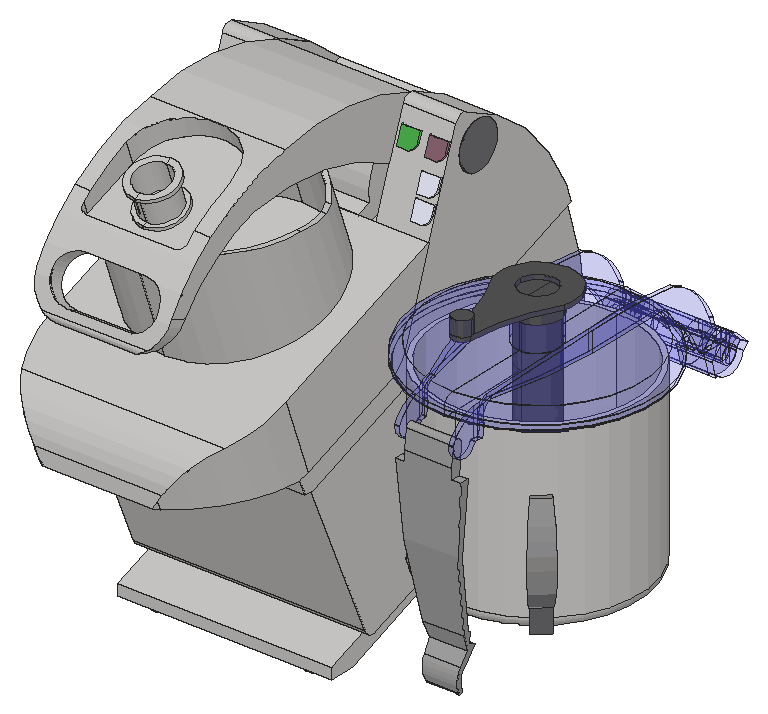
Revit family "QF_ELECTROLUXPROFESSIONAL_600488_TRK55YA", category Specialty Equipment, Revit 2018
Family settings
  Round Connector Dimension = Use Diameter
  Part Type = Normal
  Work Plane-Based = No
  Always vertical = Yes
  Cut with Voids When Loaded = No
  Shared = No
  Room Calculation Point = No
Parameters (values of type "Standard")
  Weight = 27.40 kg
  Watts = 0 W
  Volts = 200 V
  URL Manufacturer = "http://professional.electrolux.com"
  URL = "http://professional.electrolux.com"
  Steam Supply Size = 0 mm
  Steam Supply Minimum Pressure = 0.0 Pa
  Steam Supply Maximum Pressure = 0.0 Pa
  Steam Pounds per Hour = 0
  Refrigeration Suction Line Size = 0 mm
  Refrigeration Liquid Line Size = 0 mm
  Refrigerant Compressor Remote = yes
  Manufacturer = "Electrolux Professional"
  Phase = 1
  Model = "TRK55YA"
  Length Actual = 252 mm  # constant formula
  Item Number = "600488"
  Hot Water Size = 0 mm
  Height Actual = 505 mm  # constant formula
  HP = "1.7 HP"
  Gas Size = 0 mm
  Gas KW = 0
  Gas Input Pressure = 0 W
  Direct Waste Size = 0 mm
  Description = "CUTTER/SLICER 5.5L VARIAB.SPEED-1300W-200-240/1/50-60-AUSTRALIA"
  Depth Actual = 485 mm  # constant formula
  Cycle = 50 Hz
  Condensate Return Size = 0 mm
  Compressed Air Volume = 0.0 L/s
  Compressed Air Size = 0 mm
  Compressed Air Pressure = 0.0 Pa
  Cold Water Size = 0 mm
  Accessory = yes
Reference planes
  plane 1 "Center (Front/Back)": y = 0
  plane 2: z = 0
  plane 3 "Center (Left/Right)": x = 0
  plane 4 "BASE": through (-1506.947, -1354.442, -482.669) normal (0, -0.342, 0.9397)
  plane 5 "TOP": z = 725
  plane 6 "FRONT": y = -250
  plane 7 "BACK": y = 250
  plane 8 "LEFT": x = -126
  plane 9 "RIGHT": x = 126
  plane 10 "BaseSup": through (4267.2, -355.454, 143.983) normal (0, -0.342, 0.9397)
  plane 11 "TopCylinder": z = 505
  plane 12 "panel": through (4267.2, 37.396, 376.789) normal (0, -0.9397, 0.342)
  plane 13 "TAN1": through (4267.2, -242.8, 386.84) normal (0, -0.868, 0.4965)
  plane 14 "cx": x = -4.392
  plane 15: z = 490
  plane 16: z = 685
  plane 17 "EI_1": z = 320
  plane 18: z = 224
  plane 19 "SupportOblique": through (4267.2, 163.975, 96.815) normal (0, 0.809, 0.5878)
  plane 20 "CX2": x = 350
Forms (mm)
  Extrusion 1, solid, material "QF_Finishes_Stainless Steel"
    sketch origin (0, 71.755, 29.173) x (0, 0.939693, 0.34202) y (0, -0.34202, 0.939693)
      loop
        line (196.964, 40) -> (-146.726, 40) -> (-150.519, 29.578) -> (-124.204, 20) -> (196.964, 20) -> (196.964, 40)
    from -114.1 to 114.1
  Extrusion 2, solid, material "QF_Finishes_Stainless Steel"
    sketch origin (0, 71.755, 29.173) x (0, 0.939693, 0.34202) y (0, -0.34202, 0.939693)
      loop
        arc (-117.754, 231.836) -> (-115.679, 141.222) -> (-107.501, 50.953) r 1344.145
        arc (-107.501, 50.953) -> (-103.371, 43.13) -> (-95.098, 40) r 12.5
        line (-95.098, 40) -> (191.415, 40)
        arc (191.415, 40) -> (200.799, 44.052) -> (207.001, 52.177) r 20.212
        arc (207.001, 52.177) -> (236.663, 139.796) -> (245.906, 231.836) r 409.593
        line (245.906, 231.836) -> (-117.754, 231.836)
    from -123.6 to 123.2
  Extrusion 3, solid, material "QF_Finishes_Stainless Steel"
    sketch origin (0, 71.755, 29.173) x (0, 0.939693, 0.34202) y (0, -0.34202, 0.939693)
      loop
        line (-117.754, 231.836) -> (250, 231.836) -> (250, 254)
        arc (250, 254) -> (225.127, 344.7) -> (167.861, 419.303) r 244.524
        arc (167.861, 419.303) -> (160.498, 421.774) -> (153.587, 418.23) r 10
        line (153.587, 418.23) -> (25.432, 265.5)
        arc (25.432, 265.5) -> (14.376, 257.016) -> (0.77, 254) r 32.194
        line (0.77, 254) -> (-128.224, 254) -> (-128.224, 236.946) -> (-117.754, 231.836)
    from -125 to 125
  Extrusion 4, void
    sketch origin (0, 71.755, 29.173) x (0, 0.939693, 0.34202) y (0, -0.34202, 0.939693)
      loop
        line (146.605, 338.403) -> (228.145, 338.403)
        arc (228.145, 338.403) -> (202.221, 381.996) -> (167.861, 419.303) r 244.524
        arc (167.861, 419.303) -> (160.498, 421.774) -> (153.587, 418.23) r 10
        line (153.587, 418.23) -> (72.34, 321.403) -> (146.605, 321.403) -> (146.605, 338.403)
    from -76.755 to 68.071
  Extrusion 5, solid, material "QF_Finishes_Stainless Steel"
    sketch origin (0, 71.755, 29.173) x (0, 0.939693, 0.34202) y (0, -0.34202, 0.939693)
      loop
        line (86.605, 338.403) -> (69.605, 321.403) -> (146.605, 321.403) -> (146.605, 338.403) -> (138.179, 338.403) -> (138.179, 369.367)
        arc (138.179, 369.367) -> (147.784, 373.474) -> (158.149, 372.174) r 19.987
        arc (158.149, 372.174) -> (156.791, 382.001) -> (162.888, 389.826) r 12.748
        arc (162.888, 389.826) -> (123.302, 374.774) -> (101.605, 338.403) r 64.447
        line (101.605, 338.403) -> (86.605, 338.403)
    from -65 to 50
  Extrusion 6, solid, material "QF_Finishes_Stainless Steel"
    sketch origin (539, 71.755, 29.173) x (0, -0.939693, -0.34202) y (0, -0.34202, 0.939693)
      loop
        circle (-169.102, 378.696) r 12.748
    from 489 to 604
  Extrusion 7, solid, material "QF_Finishes_Rubber Black"
    sketch origin (0, 71.755, 29.173) x (0, 0.939693, 0.34202) y (0, -0.34202, 0.939693)
      loop
        circle (169.102, 378.696) r 25
    from 125 to 126.6
  Extrusion 8, solid, material "QF_Finishes_Green"
    sketch origin (-10, -113.728, -38.42) x (0, -0.34202, -0.939693) y (1, 0, 0)
      loop
        line (-529.862, 82.865) -> (-509.862, 82.865) -> (-509.862, 92.865)
        arc (-509.862, 92.865) -> (-512.791, 99.936) -> (-519.862, 102.865) r 10
        line (-519.862, 102.865) -> (-529.862, 102.865) -> (-529.862, 82.865)
    from 0 to 1.6
  Extrusion 9, solid, material "QF_Finishes_Red"
    sketch origin (20, -113.728, -38.42) x (0, -0.34202, -0.939693) y (1, 0, 0)
      loop
        line (-529.862, 82.865) -> (-509.862, 82.865) -> (-509.862, 92.865)
        arc (-509.862, 92.865) -> (-512.791, 99.936) -> (-519.862, 102.865) r 10
        line (-519.862, 102.865) -> (-529.862, 102.865) -> (-529.862, 82.865)
    from 0 to 1.6
  Extrusion 10, solid, material "QF_Finishes_Rubber Black"
    sketch origin (-20, -293.925, 99.376) x (0, -1, 0) y (1, 0, 0)
      loop
        circle (-230.144, 103.748) r 10
      loop
        circle (-230.144, -61.252) r 10
    from 9.274 to 3.787
  Extrusion 11, void
    sketch origin (-20.94, 306.731, 139.428) x (-1, 0, 0) y (0, -0.34202, 0.939693)
      loop
        circle (-20.94, 196.093) r 10
    from -1.916 to -26.433
  Extrusion 12, solid, material "QF_Finishes_Stainless Steel"
    sketch origin (-20.94, 306.678, 139.573) x (-1, 0, 0) y (0, -0.34202, 0.939693)
      loop
        circle (-20.94, 195.939) r 9.999
    from -8.514 to -26.433
  Extrusion 13, solid, material "QF_Finishes_Stainless Steel"
    sketch origin (0, -15.119, 267.855) x (0, -0.939693, -0.34202) y (1, 0, 0)
      loop
        line (-86.605, -125) -> (117.754, -125)
        arc (117.754, -125) -> (182.577, -108.838) -> (232.224, -64.135) r 138.076
        arc (232.224, -64.135) -> (246.337, -33.516) -> (250, 0) r 104.824
        arc (250, 0) -> (246.337, 33.516) -> (232.224, 64.135) r 104.824
        arc (232.224, 64.135) -> (182.577, 108.838) -> (117.754, 125) r 138.076
        line (117.754, 125) -> (-86.605, 125) -> (-86.605, -125)
    from 0 to 84.403
  Extrusion 14, void
    sketch origin (0, 71.755, 29.173) x (0, 0.939693, 0.34202) y (0, -0.34202, 0.939693)
      loop
        line (-183.149, 338.403) -> (-263.395, 338.403) -> (-263.395, 254) -> (-128.224, 254) -> (-235.716, 293.124) -> (-229.509, 307.133)
        arc (-229.509, 307.133) -> (-211.109, 329.855) -> (-183.149, 338.403) r 50
      loop
        line (86.605, 338.403) -> (25.432, 265.5)
        arc (25.432, 265.5) -> (14.376, 257.016) -> (0.77, 254) r 32.194
        line (0.77, 254) -> (86.605, 254) -> (86.605, 338.403)
    from -156.555 to 144.79
  Extrusion 15, solid, material "QF_Finishes_Rubber Black"
    sketch origin (-20, -255.757, 37.007) x (0, -0.939693, -0.34202) y (1, 0, 0)
      loop
        circle (-230.144, 103.748) r 10
      loop
        circle (-230.144, -61.252) r 10
    from -1.968 to 3.787
  Extrusion 16, solid, material "QF_Finishes_Stainless Steel"
    sketch origin (0, 0, 0) x (0, 1, 0) y (0, 0, 1)
      loop
        arc (-237.987, 360.286) -> (-193.334, 422.101) -> (-125.907, 457.716) r 167.502
        arc (-125.907, 457.716) -> (-32.614, 457.202) -> (54.785, 424.565) r 266.494
        line (54.785, 424.565) -> (73.036, 474.711)
        arc (73.036, 474.711) -> (77.269, 479.853) -> (83.792, 481.198) r 10
        arc (83.792, 481.198) -> (1.801, 503.572) -> (-83.051, 498.734) r 263.981
        arc (-83.051, 498.734) -> (-135.605, 484.534) -> (-183.511, 458.675) r 236.13
        arc (-183.511, 458.675) -> (-222.818, 420.732) -> (-248.457, 372.49) r 174.407
        arc (-248.457, 372.49) -> (-249.83, 368.135) -> (-247.05, 364.513) r 4.945
        line (-247.05, 364.513) -> (-237.987, 360.286)
    from -76.755 to 68.071
  Extrusion 17, void
    sketch origin (0, -252.846, 369.279) x (0, -0.496521, -0.868025) y (1, 0, 0)
      loop
        line (-13.723, -36.755) -> (-13.723, 28.071)
        arc (-13.723, 28.071) -> (-38.723, 53.071) -> (-63.723, 28.071) r 25
        line (-63.723, 28.071) -> (-63.723, -36.755)
        arc (-63.723, -36.755) -> (-38.723, -61.755) -> (-13.723, -36.755) r 25
    from -148.493 to 7.125
  Extrusion 18, void
    sketch origin (0, -88.076, 32.057) x (0, -0.34202, -0.939693) y (1, 0, 0)
      loop
        line (-257.162, 68.071) -> (-297.162, 68.071)
        arc (-297.162, 68.071) -> (-268.878, 56.356) -> (-257.162, 28.071) r 40
        line (-257.162, 28.071) -> (-257.162, 68.071)
      loop
        line (-257.162, -76.755) -> (-257.162, -36.755)
        arc (-257.162, -36.755) -> (-268.878, -65.039) -> (-297.162, -76.755) r 40
        line (-297.162, -76.755) -> (-257.162, -76.755)
    from 233.374 to 280.473
  Extrusion 19, void
    sketch origin (0, -73.76, 246.511) x (0, -0.939693, -0.34202) y (1, 0, 0)
      loop
        spline (50.415, 43.499) -> (50.302, 44.538) -> (50.07, 45.551) -> (49.722, 46.523) -> (49.265, 47.436) -> (48.705, 48.278) -> (48.053, 49.034) -> (47.317, 49.692) -> (46.511, 50.241) -> (45.647, 50.674) -> (44.738, 50.981) -> (43.801, 51.16) -> (42.848, 51.221)
        line (42.848, 51.221) -> (-21.826, 51.221)
        arc (-21.826, 51.221) -> (-77.476, -4.429) -> (-21.826, -60.078) r 55.65
        line (-21.826, -60.078) -> (42.849, -60.064)
        spline (42.849, -60.064) -> (43.796, -60.017) -> (44.73, -59.836) -> (45.637, -59.525) -> (46.5, -59.088) -> (47.306, -58.532) -> (48.042, -57.867) -> (48.695, -57.103) -> (49.256, -56.253) -> (49.715, -55.331) -> (50.065, -54.351) -> (50.3, -53.329) -> (50.415, -52.283)
        line (50.415, -52.283) -> (50.415, 43.499)
    from 219.928 to 259.975
  Extrusion 20, void
    sketch origin (0, -87.856, 241.381) x (0, -0.939693, -0.34202) y (1, 0, 0)
      loop
        circle (-4.976, -4.429) r 22.5
    from 184.171 to 259.975
  Extrusion 21, solid, material "QF_Finishes_Stainless Steel"
    sketch origin (0, -57.13, 252.564) x (0, -0.939693, -0.34202) y (1, 0, 0)
      loop
        circle (-27.476, -4.429) r 100
      loop
        circle (-27.476, -4.429) r 95
    from 84.403 to 219.928
  Extrusion 22, void
    sketch origin (539, 0, 0) x (0, -1, 0) y (0, 0, 1)
      loop
        line (-7.229, 448.453) -> (38.883, 431.669) -> (53.883, 431.669) -> (97.232, 435.738) -> (172.232, 435.738) -> (200.5, 434.424) -> (12.562, 502.828) -> (-7.229, 448.453)
    from 424.9 to 664
  Revolve 23, solid, material "QF_Finishes_Stainless Steel"
    sketch origin (-4.392, 0, 0) x (0, 1, 0) y (0, 0, 1)
      loop
        line (-159.523, 452.833) -> (-177.266, 446.376) -> (-188.766, 477.973) -> (-195.199, 475.631) -> (-193.959, 472.225) -> (-189.261, 473.935) -> (-179, 445.744) -> (-183.698, 444.034) -> (-182.575, 440.948) -> (-179.543, 442.052) -> (-133.191, 314.7) -> (-112.048, 322.396) -> (-159.523, 452.833)
      axis (-112.048, 322.396) -> (-171.023, 484.431)
    angle from 0 to 360
  Extrusion 24, solid, material "QF_Door-Drawer Clearances", detail levels coarse
    sketch origin (0, -262.072, 735.095) x (0, -0.581279, -0.813704) y (0, 0.813704, -0.581279)
      loop
        arc (-237.987, 360.286) -> (-193.334, 422.101) -> (-125.907, 457.716) r 167.502
        arc (-125.907, 457.716) -> (-61.925, 460.915) -> (0.971, 448.753) r 266.494
        arc (0.971, 448.753) -> (-2.208, 475.472) -> (-2.432, 502.379) r 244.524
        arc (-2.432, 502.379) -> (-31.549, 503.211) -> (-60.594, 500.999) r 278.64
        arc (-60.594, 500.999) -> (-125.023, 488.463) -> (-183.511, 458.675) r 236.13
        arc (-183.511, 458.675) -> (-222.818, 420.732) -> (-248.457, 372.49) r 174.407
        arc (-248.457, 372.49) -> (-249.83, 368.135) -> (-247.05, 364.513) r 4.945
        line (-247.05, 364.513) -> (-237.987, 360.286)
    from -76.755 to 68.071
  Extrusion 25, solid, material "QF_Door-Drawer Clearances", detail levels coarse
    sketch origin (-4.392, 0, -55) x (0, 1, 0) y (0, 0, 1)
      loop
        arc (180.062, 780.324) -> (-149.234, 694.151) -> (-249.905, 368.994) r 350.321
        line (-249.905, 368.994) -> (-246.546, 377.767)
        arc (-246.546, 377.767) -> (-144.345, 691.9) -> (174.993, 776.44) r 345.321
        line (174.993, 776.44) -> (180.062, 780.324)
    from -60 to 60
  Extrusion 26, solid, material "QF_Finishes_Rubber Black"
    sketch origin (-20, -20.834, 122.512) x (0, -0.939693, -0.34202) y (1, 0, 0)
      loop
        circle (-230.144, 103.748) r 10
      loop
        circle (-230.144, -61.252) r 10
    from -1.968 to 3.787
  Extrusion 27, void
    sketch origin (-4.392, 0, 0) x (0, 1, 0) y (0, 0, 1)
      loop
        circle (163.975, 96.815) r 5.399
    from -121.608 to 130.392
  Sweep 28, solid, material "QF_Finishes_Stainless Steel"
    path origin (0, 153.361, 111.423) x (0, -0.587785, 0.809017) y (1, 0, 0)
      loop
        line (-133.401, 56) -> (-133.401, 112.5)
        arc (-133.401, 112.5) -> (-130.472, 119.571) -> (-123.401, 122.5) r 10
        line (-123.401, 122.5) -> (-28.058, 122.5)
        arc (-28.058, 122.5) -> (-20.987, 119.571) -> (-18.058, 112.5) r 10
        line (-18.058, 112.5) -> (-18.058, -112.5)
        arc (-18.058, -112.5) -> (-20.987, -119.571) -> (-28.058, -122.5) r 10
        line (-28.058, -122.5) -> (-123.401, -122.5)
        arc (-123.401, -122.5) -> (-130.472, -119.571) -> (-133.401, -112.5) r 10
        line (-133.401, -112.5) -> (-133.401, -56)
    profile origin (84.25, 231.772, 3.5) x (0, 0.587785, -0.809017) y (0, 0.809017, 0.587785)
      loop
        circle (0, 0) r 3.5
  Extrusion 29, void
    sketch origin (-4.392, 0, 0) x (0, 1, 0) y (0, 0, 1)
      loop
        line (50.281, 42.641) -> (71.708, 50.44) -> (64.376, 57.771) -> (50.281, 52.641) -> (50.281, 42.641)
    from -119.208 to -51.608
  Extrusion 30, void
    sketch origin (4.392, 0, 0) x (0, 1, 0) y (0, 0, -1)
      loop
        line (50.281, -42.641) -> (50.281, -52.641) -> (64.376, -57.771) -> (71.708, -50.44) -> (50.281, -42.641)
    from -119.208 to -51.608
  Extrusion 31, solid, material "QF_Door-Drawer Clearances", detail levels coarse
    sketch origin (350, -160.4, -17.118) x (0, -0.34202, -0.939693) y (0, -0.939693, 0.34202)
      loop
        line (-206.754, 118.191) -> (-331.133, -223.538)
        arc (-331.133, -223.538) -> (-241.482, -246.331) -> (-149.003, -248.426) r 409.593
        arc (-149.003, -248.426) -> (-139.246, -245.378) -> (-132.229, -237.945) r 20.212
        line (-132.229, -237.945) -> (-34.236, 31.289)
        arc (-34.236, 31.289) -> (-34.347, 40.134) -> (-40.286, 46.691) r 12.5
        arc (-40.286, 46.691) -> (-122.314, 85.249) -> (-206.754, 118.191) r 1344.145
    from -123.6 to 123.2
  Extrusion 32, solid, material "QF_Door-Drawer Clearances", detail levels coarse
    sketch origin (350, -160.4, -17.118) x (0, -0.34202, -0.939693) y (0, -0.939693, 0.34202)
      loop
        line (-134.127, -243.16) -> (-115.333, -250) -> (-5.487, 51.799) -> (-5.487, 79.803) -> (-16.578, 79.803) -> (-134.127, -243.16)
    from -114.1 to 114.1
  Extrusion 33, solid, material "QF_Door-Drawer Clearances", detail levels coarse
    sketch origin (330, -388.076, 105.131) x (0, -1, 0) y (1, 0, 0)
      loop
        circle (-230.144, 103.748) r 10
      loop
        circle (-230.144, -61.252) r 10
    from -1.968 to 3.787
  Extrusion 34, solid, material "QF_Door-Drawer Clearances", detail levels coarse
    sketch origin (330, -138.076, 105.131) x (0, -1, 0) y (1, 0, 0)
      loop
        circle (-230.144, 103.748) r 10
      loop
        circle (-230.144, -61.252) r 10
    from -1.968 to 3.787
  Extrusion 35, solid, material "QF_Door-Drawer Clearances", detail levels coarse
    sketch origin (0, 250, 0) x (-1, 0, 0) y (0, 0, 1)
      loop
        circle (-350, 200) r 10
    from -89.12 to -78.665
  Extrusion 36, solid, material "QF_Finishes_White"
    sketch origin (20, -124.661, -68.457) x (0, -0.34202, -0.939693) y (1, 0, 0)
      loop
        line (-529.862, 82.865) -> (-509.862, 82.865) -> (-509.862, 92.865)
        arc (-509.862, 92.865) -> (-512.791, 99.936) -> (-519.862, 102.865) r 10
        line (-519.862, 102.865) -> (-529.862, 102.865) -> (-529.862, 82.865)
    from 0 to 1.6
  Extrusion 37, solid, material "QF_Finishes_White"
    sketch origin (20, -132.869, -91.01) x (0, -0.34202, -0.939693) y (1, 0, 0)
      loop
        line (-529.862, 82.865) -> (-509.862, 82.865) -> (-509.862, 92.865)
        arc (-509.862, 92.865) -> (-512.791, 99.936) -> (-519.862, 102.865) r 10
        line (-519.862, 102.865) -> (-529.862, 102.865) -> (-529.862, 82.865)
    from 0 to 1.6
Cuts and joins
  Extrusion 4, Extrusion 18, Extrusion 19, Extrusion 20 cuts Extrusion 3
  Extrusion 14, Extrusion 18, Extrusion 19, Extrusion 20 cuts Extrusion 13
  Extrusion 17, Extrusion 18, Extrusion 19, Extrusion 20 cuts Extrusion 16
  Extrusion 11, Extrusion 19, Extrusion 20 cuts Extrusion 2
  Extrusion 22 cuts Extrusion 21
  Extrusion 27, Extrusion 29, Extrusion 30 cuts Extrusion 1
Lines and regions (mm)
  Split face 1
    outline origin (125, 73.036, 474.711) x (-1, 0, 0) y (0, -0.34202, -0.939693)
      loop
        arc (0, 8) -> (1.464, 4.464) -> (5, 3) r 5
        line (5, 3) -> (51.929, 3)
        arc (51.929, 3) -> (55.464, 4.464) -> (56.929, 8) r 5
        line (56.929, 8) -> (56.929, 96.206)
        arc (56.929, 96.206) -> (55.464, 99.742) -> (51.929, 101.206) r 5
        line (51.929, 101.206) -> (5, 101.206)
        arc (5, 101.206) -> (1.464, 99.742) -> (0, 96.206) r 5
        line (0, 96.206) -> (0, 8)
  symbolic lines
    curve 1: line (-76.755, 170.4, 0) -> (-76.755, -235.217, 0)
    curve 2: line (68.071, -235.135, 0) -> (68.071, 170.4, 0)
    curve 3: line (-76.755, 83.792, 0) -> (68.071, 83.792, 0)
    curve 4: line (-76.755, 170.4, 0) -> (68.071, 170.4, 0)
    curve 5: line (68.071, -83.051, 0) -> (-76.755, -83.051, 0)
    curve 6: line (-60.078, -136.967, 0) -> (51.221, -136.967, 0)
    curve 7: line (-60.078, -128.47, 0) -> (-60.078, -194.06, 0)
    curve 8: line (51.221, -193.76, 0) -> (51.221, -128.47, 0)
    curve 9: spline (-52.282, -199.891, 0) -> (-53.276, -199.815, 0) -> (-54.25, -199.647, 0) -> (-55.19, -199.39, 0) -> (-56.081, -199.046, 0) -> (-56.909, -198.622, 0) -> (-57.663, -198.124, 0) -> (-58.331, -197.559, 0) -> (-58.902, -196.936, 0) -> (-59.369, -196.264, 0) -> (-59.724, -195.553, 0) -> (-59.961, -194.815, 0) -> (-60.078, -194.06, 0)
    curve 10: line (43.499, -199.901, 0) -> (-52.283, -199.901, 0)
    curve 11: spline (51.218, -193.76, 0) -> (51.156, -194.554, 0) -> (50.964, -195.333, 0) -> (50.645, -196.085, 0) -> (50.204, -196.798, 0) -> (49.648, -197.459, 0) -> (48.986, -198.058, 0) -> (48.229, -198.586, 0) -> (47.39, -199.033, 0) -> (46.483, -199.392, 0) -> (45.521, -199.658, 0) -> (44.521, -199.826, 0) -> (43.499, -199.893, 0)
    curve 12: spline (-4.392, -146.848, 0) -> (-11.05, -147.672, 0) -> (-17.255, -150.087, 0) -> (-22.583, -153.929, 0) -> (-26.672, -158.936, 0) -> (-29.242, -164.766, 0) -> (-30.119, -171.023, 0) -> (-29.242, -177.28, 0) -> (-26.672, -183.111, 0) -> (-22.583, -188.118, 0) -> (-17.255, -191.96, 0) -> (-11.05, -194.375, 0) -> (-4.392, -195.199, 0)
    curve 13: spline (-4.392, -195.199, 0) -> (2.267, -194.375, 0) -> (8.472, -191.96, 0) -> (13.8, -188.118, 0) -> (17.888, -183.111, 0) -> (20.459, -177.28, 0) -> (21.335, -171.023, 0) -> (20.459, -164.766, 0) -> (17.888, -158.936, 0) -> (13.8, -153.929, 0) -> (8.472, -150.087, 0) -> (2.267, -147.672, 0) -> (-4.392, -146.848, 0)
    curve 14: spline (-4.392, -188.766, 0) -> (-9.279, -188.162, 0) -> (-13.832, -186.389, 0) -> (-17.743, -183.569, 0) -> (-20.744, -179.895, 0) -> (-22.63, -175.616, 0) -> (-23.273, -171.023, 0) -> (-22.63, -166.431, 0) -> (-20.744, -162.152, 0) -> (-17.743, -158.477, 0) -> (-13.832, -155.658, 0) -> (-9.279, -153.885, 0) -> (-4.392, -153.281, 0)
    curve 15: spline (-4.392, -153.281, 0) -> (0.495, -153.885, 0) -> (5.049, -155.658, 0) -> (8.96, -158.477, 0) -> (11.96, -162.152, 0) -> (13.846, -166.431, 0) -> (14.49, -171.023, 0) -> (13.846, -175.616, 0) -> (11.96, -179.895, 0) -> (8.96, -183.569, 0) -> (5.049, -186.389, 0) -> (0.495, -188.162, 0) -> (-4.392, -188.766, 0)
    curve 16: spline (-22.254, -165.273, 0) -> (-20.617, -168.597, 0) -> (-18.289, -171.534, 0) -> (-15.368, -173.96, 0) -> (-11.98, -175.77, 0) -> (-8.268, -176.888, 0) -> (-4.392, -177.266, 0) -> (-0.515, -176.888, 0) -> (3.197, -175.77, 0) -> (6.585, -173.96, 0) -> (9.505, -171.534, 0) -> (11.834, -168.597, 0) -> (13.471, -165.273, 0)
    curve 17: spline (21.106, -162.743, 0) -> (21.02, -155.749, 0) -> (18.807, -149.071, 0) -> (14.651, -143.268, 0) -> (8.902, -138.825, 0) -> (2.04, -136.115, 0) -> (-5.361, -135.365, 0) -> (-12.68, -136.637, 0) -> (-19.306, -139.824, 0) -> (-24.683, -144.661, 0) -> (-28.361, -150.742, 0) -> (-30.034, -157.558, 0) -> (-29.559, -164.538, 0)
    curve 18: spline (15.591, -154.349, 0) -> (13.851, -150.277, 0) -> (11.185, -146.674, 0) -> (7.729, -143.723, 0) -> (3.657, -141.574, 0) -> (-0.824, -140.337, 0) -> (-5.485, -140.073, 0) -> (-10.091, -140.797, 0) -> (-14.408, -142.471, 0) -> (-18.216, -145.011, 0) -> (-21.322, -148.287, 0) -> (-23.569, -152.134, 0) -> (-24.843, -156.356, 0)
    curve 19: line (-36.755, -245.358, 0) -> (-36.755, -220.255, 0)
    curve 20: line (28.071, -220.255, 0) -> (28.071, -245.358, 0)
    curve 21: line (-36.755, -220.255, 0) -> (28.071, -220.255, 0)
    curve 22: line (-36.755, -231.961, 0) -> (28.071, -231.961, 0)
    curve 23: line (28.071, -245.358, 0) -> (-36.755, -245.358, 0)
    curve 24: arc (-36.755, -231.961, 0) -> (-47.346, -230.66, 0) -> (-57.309, -226.836, 0) r 43.78
    curve 25: arc (28.071, -231.961, 0) -> (38.611, -230.648, 0) -> (48.525, -226.836, 0) r 43.78
    curve 26: line (108.532, -216.09, 0) -> (68.016, -248.959, 0)
    curve 27: spline (108.532, -216.09, 0) -> (111.117, -211.341, 0) -> (113.492, -206.496, 0) -> (115.654, -201.564, 0) -> (117.598, -196.552, 0) -> (119.32, -191.469, 0) -> (120.82, -186.324, 0) -> (122.092, -181.125, 0) -> (123.137, -175.882, 0) -> (123.951, -170.603, 0) -> (124.533, -165.296, 0) -> (124.883, -159.972, 0) -> (125, -154.639, 0)
    curve 28: line (125, -154.639, 0) -> (125, 227.385, 0)
    curve 29: spline (63.971, -249.433, 0) -> (63.542, -249.481, 0) -> (63.11, -249.529, 0) -> (62.674, -249.577, 0) -> (62.235, -249.624, 0) -> (61.792, -249.672, 0) -> (61.346, -249.719, 0) -> (60.896, -249.766, 0) -> (60.442, -249.813, 0) -> (59.985, -249.86, 0) -> (59.525, -249.907, 0) -> (59.06, -249.954, 0) -> (58.593, -250, 0)
    curve 30: spline (68.016, -248.959, 0) -> (67.688, -248.999, 0) -> (67.358, -249.038, 0) -> (67.026, -249.078, 0) -> (66.693, -249.118, 0) -> (66.359, -249.157, 0) -> (66.022, -249.197, 0) -> (65.684, -249.236, 0) -> (65.345, -249.276, 0) -> (65.004, -249.315, 0) -> (64.661, -249.354, 0) -> (64.317, -249.394, 0) -> (63.971, -249.433, 0)
    curve 31: line (-68.016, -248.959, 0) -> (68.016, -248.959, 0)
    curve 32: line (-68.016, -248.959, 0) -> (-108.532, -216.09, 0)
    curve 33: spline (-63.971, -249.433, 0) -> (-64.317, -249.394, 0) -> (-64.661, -249.354, 0) -> (-65.004, -249.315, 0) -> (-65.345, -249.276, 0) -> (-65.684, -249.236, 0) -> (-66.022, -249.197, 0) -> (-66.359, -249.157, 0) -> (-66.693, -249.118, 0) -> (-67.026, -249.078, 0) -> (-67.358, -249.038, 0) -> (-67.688, -248.999, 0) -> (-68.016, -248.959, 0)
    curve 34: spline (-58.593, -250, 0) -> (-59.06, -249.954, 0) -> (-59.525, -249.907, 0) -> (-59.985, -249.86, 0) -> (-60.442, -249.813, 0) -> (-60.896, -249.766, 0) -> (-61.346, -249.719, 0) -> (-61.792, -249.672, 0) -> (-62.235, -249.624, 0) -> (-62.674, -249.577, 0) -> (-63.11, -249.529, 0) -> (-63.542, -249.481, 0) -> (-63.971, -249.433, 0)
    curve 35: line (-76.755, -235.217, 0) -> (-60.604, -248.457, 0)
    curve 36: spline (-125, -154.639, 0) -> (-124.883, -159.972, 0) -> (-124.533, -165.296, 0) -> (-123.951, -170.603, 0) -> (-123.137, -175.882, 0) -> (-122.092, -181.125, 0) -> (-120.82, -186.324, 0) -> (-119.32, -191.469, 0) -> (-117.598, -196.552, 0) -> (-115.654, -201.564, 0) -> (-113.492, -206.496, 0) -> (-111.117, -211.341, 0) -> (-108.532, -216.09, 0)
    curve 37: line (-125, 227.385, 0) -> (-125, -154.639, 0)
    curve 38: arc (-76.755, -160.023, 0) -> (-93.256, -130.498, 0) -> (-99.37, -97.232, 0) r 103.622
    curve 39: arc (-76.755, -168.026, 0) -> (-96.901, -135.101, 0) -> (-104.377, -97.232, 0) r 109.55
    curve 40: spline (-99.395, -97.232, 0) -> (-99.428, -93.546, 0) -> (-99.341, -89.86, 0) -> (-99.135, -86.178, 0) -> (-98.81, -82.506, 0) -> (-98.367, -78.845, 0) -> (-97.806, -75.201, 0) -> (-97.127, -71.576, 0) -> (-96.331, -67.976, 0) -> (-95.419, -64.402, 0) -> (-94.392, -60.86, 0) -> (-93.251, -57.352, 0) -> (-91.998, -53.883, 0)
    curve 41: arc (-91.998, -53.883, 0) -> (-88.614, -46.234, 0) -> (-84.624, -38.883, 0) r 103.541
    curve 42: spline (-84.624, -38.883, 0) -> (-84.026, -38.009, 0) -> (-83.417, -37.142, 0) -> (-82.798, -36.282, 0) -> (-82.167, -35.428, 0) -> (-81.527, -34.582, 0) -> (-80.876, -33.742, 0) -> (-80.214, -32.91, 0) -> (-79.543, -32.085, 0) -> (-78.861, -31.267, 0) -> (-78.169, -30.457, 0) -> (-77.467, -29.655, 0) -> (-76.755, -28.86, 0)
    curve 43: spline (-90.488, -38.883, 0) -> (-89.506, -37.356, 0) -> (-88.492, -35.846, 0) -> (-87.448, -34.355, 0) -> (-86.375, -32.883, 0) -> (-85.271, -31.43, 0) -> (-84.139, -29.997, 0) -> (-82.978, -28.585, 0) -> (-81.788, -27.193, 0) -> (-80.571, -25.823, 0) -> (-79.326, -24.476, 0) -> (-78.054, -23.15, 0) -> (-76.755, -21.847, 0)
    curve 44: arc (-97.398, -53.883, 0) -> (-94.227, -46.252, 0) -> (-90.488, -38.883, 0) r 109.406
    curve 45: spline (-104.397, -97.232, 0) -> (-104.428, -93.553, 0) -> (-104.346, -89.875, 0) -> (-104.151, -86.201, 0) -> (-103.844, -82.535, 0) -> (-103.425, -78.879, 0) -> (-102.894, -75.238, 0) -> (-102.252, -71.615, 0) -> (-101.499, -68.013, 0) -> (-100.637, -64.435, 0) -> (-99.665, -60.886, 0) -> (-98.585, -57.367, 0) -> (-97.398, -53.883, 0)
    curve 46: spline (-104.429, -60.179, 0) -> (-104.227, -54.213, 0) -> (-103.623, -48.272, 0) -> (-102.618, -42.379, 0) -> (-101.218, -36.558, 0) -> (-99.427, -30.832, 0) -> (-97.253, -25.224, 0) -> (-94.704, -19.758, 0) -> (-91.791, -14.454, 0) -> (-88.526, -9.335, 0) -> (-84.922, -4.421, 0) -> (-80.993, 0.268, 0) -> (-76.755, 4.714, 0)
    curve 47: line (-104.429, -60.179, 0) -> (-104.429, -91.125, 0)
    curve 48: line (-125, 37.396, 0) -> (-76.755, 37.396, 0)
    curve 49: line (-125, 227.385, 0) -> (125, 227.385, 0)
    curve 50: line (-125, 219.805, 0) -> (125, 219.805, 0)
    curve 51: line (-65, 113.885, 0) -> (50, 113.885, 0)
    curve 52: line (50, 113.885, 0) -> (50, 83.792, 0)
    curve 53: line (-65, 113.885, 0) -> (-65, 83.792, 0)
    curve 54: line (-65, 91.491, 0) -> (50, 91.491, 0)
    curve 55: line (50, 93.777, 0) -> (68.071, 93.777, 0)
    curve 56: line (-65, 93.777, 0) -> (-76.755, 93.777, 0)
    curve 57: line (72.865, 68.37, 0) -> (92.865, 68.37, 0)
    curve 58: line (72.865, 60.026, 0) -> (72.865, 68.37, 0)
    curve 59: line (82.865, 60.026, 0) -> (72.865, 60.026, 0)
    curve 60: line (92.865, 68.37, 0) -> (92.865, 63.446, 0)
    curve 61: line (-123.6, 250, 0) -> (123.2, 250, 0)
    curve 62: line (123.2, 227.385, 0) -> (123.2, 250, 0)
    curve 63: line (-123.6, 227.385, 0) -> (-123.6, 250, 0)
    curve 64: line (68.071, 37.396, 0) -> (125, 37.396, 0)
    curve 65: line (68.071, -235.135, 0) -> (51.82, -248.457, 0)
    curve 66: arc (68.071, -159.898, 0) -> (84.5, -130.423, 0) -> (90.587, -97.232, 0) r 103.622
    curve 67: arc (68.071, -167.913, 0) -> (88.145, -135.031, 0) -> (95.593, -97.232, 0) r 109.55
    curve 68: spline (90.612, -97.232, 0) -> (90.644, -93.546, 0) -> (90.558, -89.86, 0) -> (90.352, -86.178, 0) -> (90.027, -82.506, 0) -> (89.584, -78.845, 0) -> (89.022, -75.201, 0) -> (88.343, -71.576, 0) -> (87.547, -67.976, 0) -> (86.636, -64.402, 0) -> (85.609, -60.86, 0) -> (84.468, -57.352, 0) -> (83.214, -53.883, 0)
    curve 69: arc (83.214, -53.883, 0) -> (79.831, -46.234, 0) -> (75.841, -38.883, 0) r 103.541
    curve 70: spline (75.841, -38.883, 0) -> (75.25, -38.019, 0) -> (74.648, -37.162, 0) -> (74.036, -36.312, 0) -> (73.414, -35.468, 0) -> (72.781, -34.631, 0) -> (72.138, -33.801, 0) -> (71.485, -32.977, 0) -> (70.822, -32.161, 0) -> (70.149, -31.353, 0) -> (69.466, -30.551, 0) -> (68.774, -29.757, 0) -> (68.071, -28.97, 0)
    curve 71: spline (81.705, -38.883, 0) -> (80.729, -37.365, 0) -> (79.722, -35.865, 0) -> (78.685, -34.383, 0) -> (77.619, -32.92, 0) -> (76.523, -31.476, 0) -> (75.399, -30.051, 0) -> (74.246, -28.647, 0) -> (73.066, -27.263, 0) -> (71.857, -25.901, 0) -> (70.622, -24.56, 0) -> (69.36, -23.242, 0) -> (68.071, -21.946, 0)
    curve 72: arc (88.615, -53.883, 0) -> (85.443, -46.252, 0) -> (81.705, -38.883, 0) r 109.406
    curve 73: spline (95.614, -97.232, 0) -> (95.644, -93.553, 0) -> (95.562, -89.875, 0) -> (95.368, -86.201, 0) -> (95.061, -82.535, 0) -> (94.641, -78.879, 0) -> (94.111, -75.238, 0) -> (93.469, -71.615, 0) -> (92.716, -68.013, 0) -> (91.853, -64.435, 0) -> (90.882, -60.886, 0) -> (89.802, -57.367, 0) -> (88.615, -53.883, 0)
    curve 74: spline (95.645, -60.179, 0) -> (95.444, -54.225, 0) -> (94.842, -48.295, 0) -> (93.842, -42.413, 0) -> (92.446, -36.602, 0) -> (90.662, -30.886, 0) -> (88.496, -25.287, 0) -> (85.957, -19.829, 0) -> (83.055, -14.533, 0) -> (79.802, -9.421, 0) -> (76.21, -4.512, 0) -> (72.295, 0.173, 0) -> (68.071, 4.615, 0)
    curve 75: line (95.645, -60.179, 0) -> (95.645, -91.125, 0)
    curve 76: arc (82.865, 60.026, 0) -> (86.108, 60.224, 0) -> (89.302, 60.816, 0) r 26.611
    curve 77: arc (89.302, 60.816, 0) -> (91.344, 61.778, 0) -> (92.865, 63.446, 0) r 5.801
    curve 78: line (102.865, 68.37, 0) -> (122.865, 68.37, 0)
    curve 79: line (102.865, 60.026, 0) -> (102.865, 68.37, 0)
    curve 80: line (112.865, 60.026, 0) -> (102.865, 60.026, 0)
    curve 81: line (122.865, 68.37, 0) -> (122.865, 63.446, 0)
    curve 82: arc (112.865, 60.026, 0) -> (116.108, 60.224, 0) -> (119.302, 60.816, 0) r 26.611
    curve 83: arc (119.302, 60.816, 0) -> (121.344, 61.778, 0) -> (122.865, 63.446, 0) r 5.801
    curve 84: line (102.865, 57.437, 0) -> (122.865, 57.437, 0)
    curve 85: line (102.865, 49.093, 0) -> (102.865, 57.437, 0)
    curve 86: line (112.865, 49.093, 0) -> (102.865, 49.093, 0)
    curve 87: line (122.865, 57.437, 0) -> (122.865, 52.513, 0)
    curve 88: arc (112.865, 49.093, 0) -> (116.108, 49.291, 0) -> (119.302, 49.884, 0) r 26.611
    curve 89: arc (119.302, 49.884, 0) -> (121.344, 50.845, 0) -> (122.865, 52.513, 0) r 5.801
    curve 90: line (102.865, 47.725, 0) -> (122.865, 47.725, 0)
    curve 91: line (102.865, 39.381, 0) -> (102.865, 47.725, 0)
    curve 92: line (112.865, 39.381, 0) -> (102.865, 39.381, 0)
    curve 93: line (122.865, 47.725, 0) -> (122.865, 42.801, 0)
    curve 94: arc (112.865, 39.381, 0) -> (116.108, 39.579, 0) -> (119.302, 40.172, 0) r 26.611
    curve 95: arc (119.302, 40.172, 0) -> (121.344, 41.133, 0) -> (122.865, 42.801, 0) r 5.801
Dimensions and locks
  plane 5 "TOP" to level = 725 mm  (x2)
  plane 8 "LEFT" to plane 3 "Center (Left/Right)" to plane 9 "RIGHT" = 126 mm, 126 mm
  plane 7 "BACK" to plane 1 "Center (Front/Back)" to plane 6 "FRONT" = 250 mm, 250 mm
  plane 5 "TOP" to plane 2 = 725 mm
  plane 5 "TOP" to plane 11 "TopCylinder" = 220 mm
  plane 6 "FRONT" to plane 7 "BACK" = 500 mm
  plane 7 "BACK" to plane 6 "FRONT" = 500 mm
  plane 11 "TopCylinder" to level = 505 mm  (x2)
  plane 15 to level = 490 mm  (x2)
  plane 16 to level = 685 mm
  plane 17 "EI_1" to level = 320 mm
  plane 18 to level = 224 mm
  plane 16 to plane 2 = 685 mm
  plane 9 "RIGHT" to plane 8 "LEFT" = 252 mm
  aligned and locked: level to plane 2
Nested families
  nested 1: "QF_600541_BOWL" at (360, -39.665, -20.592), type "QF_600541_BOWL"
Connectors
  electrical at (0, 231.662, 320.783), driven by "Volts"
    settings: on Extrusion 12, index 1, voltage 200 V, apparent load 0 VA, apparent load phase1 0 VA, apparent load phase2 0 VA, apparent load phase3 0 VA, power factor 1, load classification "Other", number of poles 1, system type 30, power factor state 1, is connector primary yes, connector utility no, sub classification motor no, connector description "Electrical Connection"
Definition of nested family "QF_600541_BOWL"
  Reference planes
    plane 1 "Center (Front/Back)": y = 0
    plane 2: z = 0
    plane 3 "Center (Left/Right)": x = 0
    plane 4 "TOP": z = 705.4
    plane 5 "FRONT": y = -211
    plane 6 "BACK": y = 211
    plane 7 "LEFT": x = -128
    plane 8 "RIGHT": x = 128
    plane 9 "CenterX": x = -10
    plane 10 "Maniglia": through (-10, -59.177, 4000) normal (0.766, 0.6428, 0)
    plane 11 "Panel": through (4267.2, 107.252, 388.448) normal (0, 0.766, -0.6428)
    plane 12: z = 510
  Forms (mm)
    Revolve 1, solid
      sketch origin (-10, 0, 0) x (0, -1, 0) y (0, 0, 1)
        loop
          line (59.177, 490.527) -> (28.516, 490.527) -> (35.424, 483.619) -> (35.424, 470.527) -> (38.194, 470.527) -> (38.194, 356.104) -> (59.177, 356.104) -> (59.177, 490.527)
        axis (59.177, 356.104) -> (59.177, 490.527)
      angle from 0 to 360
    Extrusion 2, solid
      sketch origin (0, 0, 0) x (1, 0, 0) y (0, 1, 0)
        loop
          arc (-48.167, -71.147) -> (-28.951, -114.517) -> (-19.956, -161.093) r 210.055
          arc (-19.956, -161.093) -> (-10, -170.155) -> (-0.044, -161.093) r 10
          arc (-0.044, -161.093) -> (8.951, -114.517) -> (28.167, -71.147) r 210.055
          arc (28.167, -71.147) -> (-10, -19.177) -> (-48.167, -71.147) r 40
      from 490.527 to 495.013
    Extrusion 3, solid
      sketch origin (0, 0, 0) x (1, 0, 0) y (0, 1, 0)
        loop
          circle (-10, -160.155) r 10
      from 495.013 to 510.592
    Extrusion 4, void
      sketch origin (0, 0, 0) x (1, 0, 0) y (0, 1, 0)
        loop
          circle (-10, -59.177) r 19
      from 467.615 to 512.796
    Extrusion 5, void
      sketch origin (-20, 0, 0) x (-1, 0, 0) y (0, -1, 0)
        loop
          line (16.15, 177.864) -> (16.15, -123.86) -> (35.771, -123.86) -> (35.771, 48.192)
          arc (35.771, 48.192) -> (30.047, 105.502) -> (17.781, 161.776) r 500.876
          line (17.781, 161.776) -> (17.781, 171.776) -> (16.15, 177.864)
        loop
          line (40.771, -123.86) -> (45.852, -123.86) -> (45.852, 210.681) -> (21.15, 210.681) -> (21.15, 178.522) -> (22.781, 172.434) -> (22.781, 162.459)
          arc (22.781, 162.459) -> (35.047, 105.893) -> (40.771, 48.297) r 505.876
          line (40.771, 48.297) -> (40.771, -123.86)
      from 381.652 to 477.521
    Extrusion 6, solid
      sketch origin (-20, 0, 0) x (0, 1, 0) y (0, 0, -1)
        loop
          line (-173.064, -409.647) -> (-181.147, -409.647)
          arc (-181.147, -409.647) -> (-199.354, -399.982) -> (-210.844, -417.096) r 15.391
          arc (-210.844, -417.096) -> (-202.04, -429.372) -> (-189.058, -437.099) r 36.946
          arc (-189.058, -437.099) -> (-65.868, -463.241) -> (59.99, -458.888) r 518.061
          arc (59.99, -458.888) -> (92.246, -438.11) -> (113.023, -405.855) r 90.696
          arc (113.023, -405.855) -> (114.903, -399.662) -> (115.972, -393.28) r 50.278
          arc (115.972, -393.28) -> (121.968, -392.806) -> (127.203, -389.844) r 13.902
          arc (127.203, -389.844) -> (135.322, -382.188) -> (143.082, -374.167) r 242.898
          line (143.082, -374.167) -> (137.378, -368.464)
          arc (137.378, -368.464) -> (123.613, -353.84) -> (104.088, -358.543) r 20
          line (104.088, -358.543) -> (99.34, -358.543)
          arc (99.34, -358.543) -> (88.098, -393.587) -> (65.823, -422.884) r 108.872
          line (65.823, -422.884) -> (50.823, -422.884)
          arc (50.823, -422.884) -> (52.796, -423.701) -> (53.614, -425.674) r 2.79
          line (53.614, -425.674) -> (53.614, -430.892)
          arc (53.614, -430.892) -> (50.154, -439.244) -> (41.802, -442.703) r 11.812
          line (41.802, -442.703) -> (-160.307, -442.703)
          arc (-160.307, -442.703) -> (-168.659, -439.244) -> (-172.119, -430.892) r 11.812
          line (-172.119, -430.892) -> (-172.119, -425.826)
          arc (-172.119, -425.826) -> (-171.728, -424.361) -> (-170.659, -423.285) r 2.942
          line (-170.659, -423.285) -> (-173.064, -409.647)
        loop
          circle (117.901, -373.007) r 9.416
      from 16.15 to 45.852
    Extrusion 7, solid
      sketch origin (0, 0, 0) x (0, 1, 0) y (0, 0, 1)
        loop
          line (137.378, 368.464) -> (143.082, 374.167)
          arc (143.082, 374.167) -> (135.322, 382.188) -> (127.203, 389.844) r 242.898
          arc (127.203, 389.844) -> (116.931, 393.38) -> (107.252, 388.448) r 13.902
          line (107.252, 388.448) -> (95.766, 374.76)
          arc (95.766, 374.76) -> (97.862, 366.72) -> (99.34, 358.543) r 108.872
          line (99.34, 358.543) -> (104.088, 358.543)
          arc (104.088, 358.543) -> (123.613, 353.84) -> (137.378, 368.464) r 20
        loop
          circle (117.901, 373.007) r 9.416
      from -71.073 to 53.607
    Extrusion 8, solid
      sketch origin (0, 0, 0) x (0, 1, 0) y (0, 0, 1)
        loop
          arc (-182.273, 168.111) -> (-185.377, 178.111) -> (-182.273, 188.111) r 17.658
          line (-182.273, 188.111) -> (-169.592, 207.294) -> (-177.764, 211.104) -> (-177.764, 222.201) -> (-180.378, 224.815)
          arc (-180.378, 224.815) -> (-195.887, 307.452) -> (-195.295, 391.529) r 437.299
          line (-195.295, 391.529) -> (-193.232, 411.422)
          arc (-193.232, 411.422) -> (-197.69, 416.911) -> (-203.179, 412.454) r 5
          line (-203.179, 412.454) -> (-205.242, 392.56)
          arc (-205.242, 392.56) -> (-202.268, 306.332) -> (-185.461, 221.705) r 534.528
          line (-185.461, 221.705) -> (-177.764, 203.503) -> (-186.394, 190.943)
          arc (-186.394, 190.943) -> (-190.377, 178.111) -> (-186.394, 165.28) r 22.658
          arc (-186.394, 165.28) -> (-182.917, 164.635) -> (-182.273, 168.111) r 2.5
      from -49.646 to 27.326
    Extrusion 9, void
      sketch origin (0, -211, 0) x (-1, 0, 0) y (0, 0, 1)
        loop
          line (-15.15, 416.938) -> (-47.326, 416.938) -> (-47.326, 161.938) -> (-6.963, 161.938) -> (-24.508, 381.652) -> (-15.15, 381.652) -> (-15.15, 416.938)
        loop
          line (26.963, 161.938) -> (77.918, 161.938) -> (77.918, 416.938) -> (35.15, 416.938) -> (35.15, 381.652) -> (44.508, 381.652) -> (26.963, 161.938)
      from 46.08 to -69.339
    Extrusion 10, solid
      sketch origin (0, 0, 0) x (0, 1, 0) y (0, 0, 1)
        loop
          line (-173.064, 409.647) -> (-170.659, 423.285)
          arc (-170.659, 423.285) -> (-171.728, 424.361) -> (-172.119, 425.826) r 2.942
          line (-172.119, 425.826) -> (-172.119, 430.892)
          arc (-172.119, 430.892) -> (-168.659, 439.244) -> (-160.307, 442.703) r 11.812
          line (-160.307, 442.703) -> (41.802, 442.703)
          arc (41.802, 442.703) -> (50.154, 439.244) -> (53.614, 430.892) r 11.812
          line (53.614, 430.892) -> (53.614, 425.674)
          arc (53.614, 425.674) -> (52.796, 423.701) -> (50.823, 422.884) r 2.79
          line (50.823, 422.884) -> (65.823, 422.884)
          arc (65.823, 422.884) -> (88.098, 393.587) -> (99.34, 358.543) r 108.872
          line (99.34, 358.543) -> (104.088, 358.543)
          arc (104.088, 358.543) -> (123.613, 353.84) -> (137.378, 368.464) r 20
          line (137.378, 368.464) -> (143.082, 374.167)
          arc (143.082, 374.167) -> (135.322, 382.188) -> (127.203, 389.844) r 242.898
          arc (127.203, 389.844) -> (121.968, 392.806) -> (115.972, 393.28) r 13.902
          arc (115.972, 393.28) -> (114.903, 399.662) -> (113.023, 405.855) r 50.278
          arc (113.023, 405.855) -> (92.246, 438.11) -> (59.99, 458.888) r 90.696
          arc (59.99, 458.888) -> (-65.868, 463.241) -> (-189.058, 437.099) r 518.061
          arc (-189.058, 437.099) -> (-202.04, 429.372) -> (-210.844, 417.096) r 36.946
          arc (-210.844, 417.096) -> (-199.354, 399.982) -> (-181.147, 409.647) r 15.391
          line (-181.147, 409.647) -> (-173.064, 409.647)
        loop
          circle (117.901, 373.007) r 9.416
      from 16.15 to 45.852
    Extrusion 11, void
      sketch origin (0, 0, 0) x (1, 0, 0) y (0, 1, 0)
        loop
          line (16.15, -177.864) -> (17.781, -171.776) -> (17.781, -161.776)
          arc (17.781, -161.776) -> (30.047, -105.502) -> (35.771, -48.192) r 500.876
          line (35.771, -48.192) -> (35.771, 123.86) -> (16.15, 123.86) -> (16.15, -177.864)
        loop
          line (40.771, 123.86) -> (40.771, -48.297)
          arc (40.771, -48.297) -> (35.047, -105.893) -> (22.781, -162.459) r 505.876
          line (22.781, -162.459) -> (22.781, -172.434) -> (21.15, -178.522) -> (21.15, -210.681) -> (45.852, -210.681) -> (45.852, 123.86) -> (40.771, 123.86)
      from 381.652 to 477.521
    Revolve 12, solid
      sketch origin (-10, 0, 0) x (0, -1, 0) y (0, 0, 1)
        loop
          line (38.194, 422.884) -> (38.194, 470.527) -> (35.424, 470.527) -> (35.424, 442.703) -> (-53.802, 442.703)
          arc (-53.802, 442.703) -> (-62.213, 439.268) -> (-65.732, 430.892) r 11.871
          line (-65.732, 430.892) -> (-65.732, 425.793)
          arc (-65.732, 425.793) -> (-64.88, 423.736) -> (-62.823, 422.884) r 2.909
          line (-62.823, 422.884) -> (38.194, 422.884)
        axis (59.177, 422.884) -> (59.177, 470.527)
      angle from 0 to 360
    Revolve 13, solid
      sketch origin (-10, 0, 0) x (0, -1, 0) y (0, 0, 1)
        loop
          line (169.177, 422.884) -> (164.177, 422.884) -> (164.177, 237.884)
          arc (164.177, 237.884) -> (162.191, 233.09) -> (157.397, 231.104) r 6.78
          line (157.397, 231.104) -> (84.177, 231.104) -> (84.177, 356.104) -> (79.177, 356.104) -> (79.177, 226.104) -> (157.397, 226.104)
          arc (157.397, 226.104) -> (165.726, 229.554) -> (169.177, 237.884) r 11.78
          line (169.177, 237.884) -> (169.177, 422.884)
        axis (59.177, 422.884) -> (59.177, 226.104)
      angle from 0 to 360
    Extrusion 14, solid
      sketch origin (-49.423, -13.925, 0) x (0.634002, 0.773331, 0) y (-0.773331, 0.634002, 0)
        loop
          line (-55.497, -222.333) -> (-26.468, -227.794) -> (-20.635, -161.119)
          arc (-20.635, -161.119) -> (-28.727, -159.898) -> (-36.729, -158.185) r 133.529
          line (-36.729, -158.185) -> (-55.497, -222.333)
      from 226.104 to 356.104
    Revolve 15, void
      sketch origin (-35.007, -29.374, 0) x (-0.642788, 0.766044, 0) y (0, 0, 1)
        loop
          arc (-155.215, 337.579) -> (-171.344, 302.579) -> (-155.215, 267.579) r 46.04
          line (-155.215, 267.579) -> (-147.754, 267.579) -> (-147.754, 337.579) -> (-155.215, 337.579)
        loop
          line (-155.215, 356.104) -> (-147.754, 356.104) -> (-147.754, 361.761) -> (-215.215, 361.761) -> (-215.215, 226.104) -> (-147.754, 226.104) -> (-147.754, 256.485) -> (-163.93, 256.485)
          arc (-163.93, 256.485) -> (-184.453, 308.471) -> (-155.215, 356.104) r 62.537
        axis (10, 361.761) -> (10, 226.104)
      angle from -8.217 to 8.652
    Extrusion 16, solid
      sketch origin (0, 0, 0) x (1, 0, 0) y (0, 1, 0)
        loop
          arc (57.446, -154.071) -> (64.931, -148.135) -> (72.061, -141.775) r 165.215
          line (72.061, -141.775) -> (66.401, -136.116)
          arc (66.401, -136.116) -> (59.824, -141.977) -> (52.928, -147.46) r 157.215
          line (52.928, -147.46) -> (57.446, -154.071)
      from 226.104 to 256.485
    Revolve 17, solid, detail levels coarse
      sketch origin (-10, -235.136, 499.949) x (0, 0, 1) y (0, 1, 0)
        loop
          line (59.177, 490.527) -> (28.516, 490.527) -> (35.424, 483.619) -> (35.424, 470.527) -> (38.194, 470.527) -> (38.194, 442.703) -> (59.177, 442.703) -> (59.177, 490.527)
        axis (59.177, 442.703) -> (59.177, 490.527)
      angle from 0 to 360
    Extrusion 18, solid, detail levels coarse
      sketch origin (0, -235.136, 499.949) x (1, 0, 0) y (0, 0, -1)
        loop
          arc (-48.167, -71.147) -> (-28.951, -114.517) -> (-19.956, -161.093) r 210.055
          arc (-19.956, -161.093) -> (-10, -170.155) -> (-0.044, -161.093) r 10
          arc (-0.044, -161.093) -> (8.951, -114.517) -> (28.167, -71.147) r 210.055
          arc (28.167, -71.147) -> (-10, -19.177) -> (-48.167, -71.147) r 40
      from 490.527 to 495.013
    Extrusion 19, solid, detail levels coarse
      sketch origin (0, -235.136, 499.949) x (1, 0, 0) y (0, 0, -1)
        loop
          circle (-10, -160.155) r 10
      from 495.013 to 510.592
    Extrusion 20, void
      sketch origin (-20, -221.856, 479.359) x (-1, 0, 0) y (0, 0, 1)
        loop
          line (16.15, 177.864) -> (16.15, -123.86) -> (35.771, -123.86) -> (35.771, 48.192)
          arc (35.771, 48.192) -> (30.047, 105.502) -> (17.781, 161.776) r 500.876
          line (17.781, 161.776) -> (17.781, 171.776) -> (16.15, 177.864)
        loop
          line (40.771, -123.86) -> (45.852, -123.86) -> (45.852, 217.003) -> (21.15, 217.003) -> (21.15, 178.522) -> (22.781, 172.434) -> (22.781, 162.459)
          arc (22.781, 162.459) -> (35.047, 105.893) -> (40.771, 48.297) r 505.876
          line (40.771, 48.297) -> (40.771, -123.86)
      from 350.345 to 477.521
    Extrusion 21, solid, detail levels coarse
      sketch origin (-20, -235.136, 499.949) x (0, 0, -1) y (0, -1, 0)
        loop
          line (-173.064, -409.647) -> (-181.303, -409.647)
          arc (-181.303, -409.647) -> (-196.341, -401.818) -> (-205.451, -416.117) r 12.548
          arc (-205.451, -416.117) -> (-199.87, -428.651) -> (-189.058, -437.099) r 28.357
          arc (-189.058, -437.099) -> (-65.868, -463.241) -> (59.99, -458.888) r 518.061
          arc (59.99, -458.888) -> (92.246, -438.11) -> (113.023, -405.855) r 90.696
          arc (113.023, -405.855) -> (114.903, -399.662) -> (115.972, -393.28) r 50.278
          arc (115.972, -393.28) -> (121.968, -392.806) -> (127.203, -389.844) r 13.902
          arc (127.203, -389.844) -> (130.645, -386.684) -> (134.025, -383.459) r 242.898
          arc (134.025, -383.459) -> (118.878, -371.582) -> (104.72, -358.543) r 242.898
          line (104.72, -358.543) -> (99.34, -358.543)
          arc (99.34, -358.543) -> (88.098, -393.587) -> (65.823, -422.884) r 108.872
          line (65.823, -422.884) -> (50.823, -422.884)
          arc (50.823, -422.884) -> (52.796, -423.701) -> (53.614, -425.674) r 2.79
          line (53.614, -425.674) -> (53.614, -430.892)
          arc (53.614, -430.892) -> (50.154, -439.244) -> (41.802, -442.703) r 11.812
          line (41.802, -442.703) -> (-160.307, -442.703)
          arc (-160.307, -442.703) -> (-168.659, -439.244) -> (-172.119, -430.892) r 11.812
          line (-172.119, -430.892) -> (-172.119, -425.826)
          arc (-172.119, -425.826) -> (-171.728, -424.361) -> (-170.659, -423.285) r 2.942
          line (-170.659, -423.285) -> (-173.064, -409.647)
      from 16.15 to 45.852
    Extrusion 22, void
      sketch origin (0, -221.856, 479.359) x (1, 0, 0) y (0, 0, -1)
        loop
          line (16.15, -177.864) -> (17.781, -171.776) -> (17.781, -161.776)
          arc (17.781, -161.776) -> (30.047, -105.502) -> (35.771, -48.192) r 500.876
          line (35.771, -48.192) -> (35.771, 123.86) -> (16.15, 123.86) -> (16.15, -177.864)
        loop
          line (40.771, 123.86) -> (40.771, -48.297)
          arc (40.771, -48.297) -> (35.047, -105.893) -> (22.781, -162.459) r 505.876
          line (22.781, -162.459) -> (22.781, -172.434) -> (21.15, -178.522) -> (21.15, -217.003) -> (45.852, -217.003) -> (45.852, 123.86) -> (40.771, 123.86)
      from 350.345 to 477.521
    Extrusion 23, solid, detail levels coarse
      sketch origin (0, -235.136, 499.949) x (0, 0, -1) y (0, 1, 0)
        loop
          line (-173.064, 409.647) -> (-170.659, 423.285)
          arc (-170.659, 423.285) -> (-171.728, 424.361) -> (-172.119, 425.826) r 2.942
          line (-172.119, 425.826) -> (-172.119, 430.892)
          arc (-172.119, 430.892) -> (-168.659, 439.244) -> (-160.307, 442.703) r 11.812
          line (-160.307, 442.703) -> (41.802, 442.703)
          arc (41.802, 442.703) -> (50.154, 439.244) -> (53.614, 430.892) r 11.812
          line (53.614, 430.892) -> (53.614, 425.674)
          arc (53.614, 425.674) -> (52.796, 423.701) -> (50.823, 422.884) r 2.79
          line (50.823, 422.884) -> (65.823, 422.884)
          arc (65.823, 422.884) -> (88.098, 393.587) -> (99.34, 358.543) r 108.872
          line (99.34, 358.543) -> (104.72, 358.543)
          arc (104.72, 358.543) -> (118.878, 371.582) -> (134.025, 383.459) r 242.898
          arc (134.025, 383.459) -> (130.645, 386.684) -> (127.203, 389.844) r 242.898
          arc (127.203, 389.844) -> (121.968, 392.806) -> (115.972, 393.28) r 13.902
          arc (115.972, 393.28) -> (114.903, 399.662) -> (113.023, 405.855) r 50.278
          arc (113.023, 405.855) -> (92.246, 438.11) -> (59.99, 458.888) r 90.696
          arc (59.99, 458.888) -> (-65.868, 463.241) -> (-189.058, 437.099) r 518.061
          arc (-189.058, 437.099) -> (-199.87, 428.651) -> (-205.451, 416.117) r 28.357
          arc (-205.451, 416.117) -> (-196.341, 401.818) -> (-181.303, 409.647) r 12.548
          line (-181.303, 409.647) -> (-173.064, 409.647)
      from 16.15 to 45.852
    Revolve 24, solid, detail levels coarse
      sketch origin (-10, -235.136, 499.949) x (0, 0, 1) y (0, 1, 0)
        loop
          line (38.194, 422.884) -> (38.194, 470.527) -> (35.424, 470.527) -> (35.424, 442.703) -> (-53.802, 442.703)
          arc (-53.802, 442.703) -> (-62.213, 439.268) -> (-65.732, 430.892) r 11.871
          line (-65.732, 430.892) -> (-65.732, 425.793)
          arc (-65.732, 425.793) -> (-64.88, 423.736) -> (-62.823, 422.884) r 2.909
          line (-62.823, 422.884) -> (38.194, 422.884)
        axis (59.177, 422.884) -> (59.177, 470.527)
      angle from 0 to 360
    Extrusion 25, void
      sketch origin (0, 0, 0) x (0, 1, 0) y (0, 0, 1)
        loop
          line (-210.681, 417.459) -> (-211.654, 417.459) -> (-211.654, 411.793) -> (-210.681, 411.793) -> (-210.681, 417.459)
      from -41.15 to -65.852
    Extrusion 26, void
      sketch origin (0, 0, 0) x (0, 1, 0) y (0, 0, 1)
        loop
          line (-210.681, 417.459) -> (-211.654, 417.459) -> (-211.654, 411.793) -> (-210.681, 411.793) -> (-210.681, 417.459)
      from 21.15 to 45.852
  Cuts and joins
    Extrusion 4 cuts Extrusion 2
    Extrusion 5, Extrusion 11, Extrusion 20, Extrusion 22, Extrusion 25 cuts Extrusion 6
    Extrusion 9, Extrusion 11, Extrusion 20 cuts Extrusion 8
    Extrusion 11, Extrusion 20, Extrusion 22 cuts Extrusion 7
    Extrusion 11, Extrusion 26 cuts Extrusion 10
    Revolve 15 cuts Extrusion 14
    Extrusion 20 cuts Revolve 12
    Extrusion 20 cuts Revolve 13
    Extrusion 20, Extrusion 22 cuts Extrusion 21
    Extrusion 22 cuts Extrusion 23
  Lines and regions (mm)
    symbolic lines
      curve 1: arc (-10, -172.155, 0) -> (3.999, -171.284, 0) -> (17.781, -168.686, 0) r 112.979
      curve 2: arc (-10, -184.085, 0) -> (-23.148, -183.391, 0) -> (-36.15, -181.317, 0) r 124.909
      curve 3: line (128, -157.764, 0) -> (128, 191, 0)
      curve 4: line (124.8, 106.204, 0) -> (59.066, 106.204, 0)
      curve 5: line (102.599, 90.494, 0) -> (117.599, 90.494, 0)
      curve 6: line (117.599, 87.22, 0) -> (102.599, 87.22, 0)
      curve 7: line (102.599, 76.352, 0) -> (117.599, 76.352, 0)
      curve 8: line (117.599, 73.078, 0) -> (102.599, 73.078, 0)
      curve 9: line (102.599, 62.211, 0) -> (117.599, 62.211, 0)
      curve 10: line (117.599, 58.937, 0) -> (102.599, 58.937, 0)
      curve 11: line (102.599, 48.07, 0) -> (117.599, 48.07, 0)
      curve 12: line (102.599, 58.937, 0) -> (102.599, 48.07, 0)
      curve 13: line (117.599, 48.07, 0) -> (117.599, 58.937, 0)
      curve 14: line (117.599, 62.211, 0) -> (117.599, 73.078, 0)
      curve 15: line (102.599, 73.078, 0) -> (102.599, 62.211, 0)
      curve 16: line (102.599, 87.22, 0) -> (102.599, 76.352, 0)
      curve 17: line (117.599, 76.352, 0) -> (117.599, 87.22, 0)
      curve 18: line (117.599, 90.494, 0) -> (117.599, 101.361, 0)
      curve 19: line (102.599, 101.361, 0) -> (102.599, 90.494, 0)
      curve 20: arc (-0.044, -161.093, 0) -> (8.951, -114.517, 0) -> (28.167, -71.147, 0) r 210.055
      curve 21: arc (28.167, -71.147, 0) -> (-10, -19.177, 0) -> (-48.167, -71.147, 0) r 40
      curve 22: arc (-48.167, -71.147, 0) -> (-28.951, -114.517, 0) -> (-19.956, -161.093, 0) r 210.055
      curve 23: arc (-19.956, -161.093, 0) -> (-10, -170.155, 0) -> (-0.044, -161.093, 0) r 10
      curve 24: arc (0, -160.155, 0) -> (-10, -150.155, 0) -> (-20, -160.155, 0) r 10
      curve 25: arc (-55.771, -48.192, 0) -> (-50.047, -105.502, 0) -> (-37.781, -161.776, 0) r 500.876
      curve 26: arc (-42.781, -162.459, 0) -> (-55.047, -105.893, 0) -> (-60.771, -48.297, 0) r 505.876
      curve 27: line (-55.771, 123.86, 0) -> (-55.771, -48.192, 0)
      curve 28: line (-60.771, -48.297, 0) -> (-60.771, 123.86, 0)
      curve 29: line (40.771, 123.86, 0) -> (40.771, -48.297, 0)
      curve 30: line (35.771, -48.192, 0) -> (35.771, 123.86, 0)
      curve 31: arc (40.771, -48.297, 0) -> (35.047, -105.893, 0) -> (22.781, -162.459, 0) r 505.876
      curve 32: arc (17.781, -161.776, 0) -> (30.047, -105.502, 0) -> (35.771, -48.192, 0) r 500.876
      curve 33: line (22.781, -162.459, 0) -> (22.781, -172.434, 0)
      curve 34: line (17.781, -171.776, 0) -> (17.781, -161.776, 0)
      curve 35: line (16.15, -177.864, 0) -> (17.781, -171.776, 0)
      curve 36: line (22.781, -172.434, 0) -> (21.15, -178.522, 0)
      curve 37: line (21.15, -178.522, 0) -> (21.15, -211, 0)
      curve 38: line (-37.781, -161.776, 0) -> (-37.781, -171.776, 0)
      curve 39: line (-42.781, -172.434, 0) -> (-42.781, -162.459, 0)
      curve 40: line (-41.15, -178.522, 0) -> (-42.781, -172.434, 0)
      curve 41: line (-37.781, -171.776, 0) -> (-36.15, -177.864, 0)
      curve 42: line (-41.15, -211, 0) -> (-41.15, -178.522, 0)
      curve 43: spline (22.008, -197.61, 0) -> (21.937, -197.617, 0) -> (21.865, -197.622, 0) -> (21.794, -197.626, 0) -> (21.722, -197.627, 0) -> (21.651, -197.627, 0) -> (21.579, -197.625, 0) -> (21.508, -197.621, 0) -> (21.436, -197.615, 0) -> (21.365, -197.608, 0) -> (21.293, -197.598, 0) -> (21.222, -197.587, 0) -> (21.15, -197.574, 0)
      curve 44: line (-71.073, 171.51, 0) -> (53.607, 171.51, 0)
      curve 45: line (59.066, 46.214, 0) -> (124.8, 46.214, 0)
      curve 46: line (59.066, 106.204, 0) -> (59.066, 46.214, 0)
      curve 47: line (124.8, 46.214, 0) -> (124.8, 107.429, 0)
      curve 48: line (53.607, 48.324, 0) -> (53.607, 171.51, 0)
      curve 49: line (-71.073, 171.51, 0) -> (-71.073, 49.783, 0)
